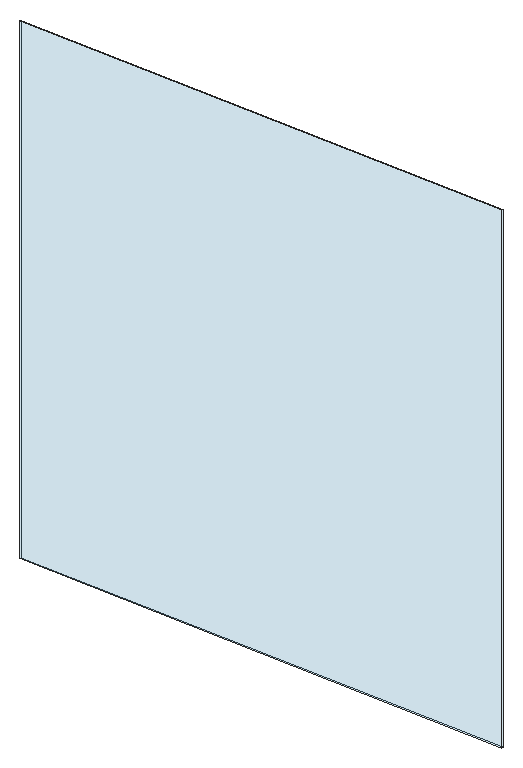
Revit family
Parameters (values of type "72" x 72"")
  Sealant = 0' - 0 3/8"
  SSO [instance] = yes
  SSI [instance] = no
  SBO [instance] = no
  Pocket Depth [instance] = 0' - 0 1/2"
  Head Height = Sill Height + Rough Height - Sealant  # 8' - 11 5/8"
  Depth [instance] = 0' - 4 1/2"
  Sill Height = 3' - 0"
  Rough Width = 6' - 0"
  Rough Height = 6' - 0"
  Model = "A450"
  Material = ""
  Manufacturer = "Arcadia"
  Sightline = 0' - 2 1/8"
  Height = Rough Height - Sealant - Sealant  # 5' - 11 1/4"
  Wall Closure = (empty or 0)
  Width = Rough Width - Sealant - Sealant  # 5' - 11 1/4"
  Glass Thickness [instance] = 0' - 0 1/4"
  Offset to Inside Face of Glass [instance] = 0' - 2 1/8"
  Construction Type = "Aluminum"
  SBI [instance] = no
  Center of Rough Opening [instance] = Rough Width / 2  # 3' - 0"
  Center of Glass [instance] = Glass Thickness / 2  # 0' - 0 1/8"
  Center Wall to Outside Face [instance] = 0' - 2 7/8"
  CSO [instance] = no
  CSI [instance] = no
  Assembly Code = ""
Reference planes (in)
  plane 1 "Center (Front/Back)": y = 0
  plane 2: z = 0
  plane 3 "Center (Left/Right)": x = 12
  plane 4 "Rough Opening Bottom": z = 36
  plane 5 "Rough Opening Top": z = 108
  plane 6 "Exterior Face": y = 3.25
  plane 7 "Frame Top": z = 105.875
  plane 8 "Frame Bottom": z = 38.125
  plane 9 "Rough Opening Left": x = -24
  plane 10 "Rough Opening Right": x = 48
  plane 11 "Frame Left": x = -21.875
  plane 12 "Frame Right": x = 45.875
  plane 13 "Exterior Glass Edge": y = -0.07606
  plane 14 "Interior Glass Edge": y = -0.32606
  plane 15 "Glass Centerline": y = -0.20106
  plane 16 "Frame Outside": y = 2.04894
  plane 17 "Frame Inside": y = -2.45106
  plane 18: z = 106.375
  plane 19: z = 37.625
  plane 20: x = 46.375
  plane 21: x = -22.375
  plane 22: x = -23.625
  plane 23: x = 47.625
  plane 24: z = 107.625
  plane 25: z = 36.375
Forms (in)
  Extrusion 1, solid, material "Anodize Arcadia AC2 Clear #11", detail levels coarse
    sketch origin (0, 0, 36) x (0, -1, 0) y (1, 0, 0)
      loop
        line (-2.04894, -24) -> (2.45106, -24) -> (2.45106, -21.875) -> (0.32606, -21.875) -> (0.32606, -22.375) -> (0.07606, -22.375) -> (0.07606, -21.875) -> (-2.04894, -21.875) -> (-2.04894, -24)
    from 0 to 72 <- "Rough Height"
  Extrusion 2, solid, material "Anodize Arcadia AC2 Clear #11", detail levels coarse
    sketch origin (0, 0, 36) x (0, -1, 0) y (1, 0, 0)
      loop
        line (-2.04894, 45.875) -> (0.07606, 45.875) -> (0.07606, 46.375) -> (0.32606, 46.375) -> (0.32606, 45.875) -> (2.45106, 45.875) -> (2.45106, 48) -> (-2.04894, 48) -> (-2.04894, 45.875)
    from 0 to 72 <- "Rough Height"
  Extrusion 3, solid, material "Glass"
    sketch origin (-0.5, 0, 36) x (0, -1, 0) y (1, 0, 0)
      loop
        line (0.07606, -21.875) -> (0.32606, -21.875) -> (0.32606, 46.875) -> (0.07606, 46.875) -> (0.07606, -21.875)
    from 1.625 to 70.375
  Extrusion 4, solid, material "Anodize Arcadia AC2 Clear #11", detail levels coarse
    sketch origin (-24, 0, 0) x (0, 1, 0) y (0, 0, 1)
      loop
        line (-2.45106, 108) -> (-2.45106, 105.875) -> (-0.32606, 105.875) -> (-0.32606, 106.375) -> (-0.07606, 106.375) -> (-0.07606, 105.875) -> (2.04894, 105.875) -> (2.04894, 108) -> (-2.45106, 108)
    from 0 to 72 <- "Rough Width"
  Extrusion 5, solid, material "Anodize Arcadia AC2 Clear #11", detail levels coarse
    sketch origin (-24, 0, 0) x (0, 1, 0) y (0, 0, 1)
      loop
        line (2.04894, 38.125) -> (-0.07606, 38.125) -> (-0.07606, 37.625) -> (-0.32606, 37.625) -> (-0.32606, 38.125) -> (-2.45106, 38.125) -> (-2.45106, 36) -> (2.04894, 36) -> (2.04894, 38.125)
    from 0 to 72 <- "Rough Width"
  Extrusion 6, void
    sketch origin (0, 0, 36) x (0, -1, 0) y (1, 0, 0)
      loop
        line (-3.25, -24) -> (4.75, -24) -> (4.75, 48) -> (-3.25, 48) -> (-3.25, -24)
    from 0 to 72 <- "Rough Height"
Lines and regions (in)
  symbolic lines, detail levels coarse
    curve 1: line (-24, 2.04894, 0) -> (-21.875, 2.04894, 0)
    curve 2: line (-21.875, 2.04894, 0) -> (-21.875, -0.07606, 0)
    curve 3: line (46.375, -0.07606, 0) -> (-22.375, -0.07606, 0)
    curve 4: line (-22.375, -0.07606, 0) -> (-22.375, -0.32606, 0)
    curve 5: line (-22.375, -0.32606, 0) -> (46.375, -0.32606, 0)
    curve 6: line (-21.875, -0.32606, 0) -> (-21.875, -2.45106, 0)
    curve 7: line (-21.875, -2.45106, 0) -> (-24, -2.45106, 0)
    curve 8: line (-24, -2.45106, 0) -> (-24, 2.04894, 0)
    curve 9: line (45.875, 2.04894, 0) -> (48, 2.04894, 0)
    curve 10: line (48, 2.04894, 0) -> (48, -2.45106, 0)
    curve 11: line (48, -2.45106, 0) -> (45.875, -2.45106, 0)
    curve 12: line (45.875, -2.45106, 0) -> (45.875, -0.32606, 0)
    curve 13: line (45.875, -0.07606, 0) -> (45.875, 2.04894, 0)
    curve 14: line (46.375, -0.07606, 0) -> (46.375, -0.32606, 0)
Text (in)
  text "EXTERIOR" at (-58.6888, 50.90694, 0), in view "Ref. Level"
  text "INTERIOR" at (-58.6888, -37.76638, 0), in view "Ref. Level"
  text "Exterior" at (0, 43.65631, 123.19604), in view "Left"
  text "Exterior" at (0, 18.29385, 125.04747), in view "Right"
  text "CSI" at (0, 41.79929, 97.24754), in view "Section 1"
  text "SBI" at (0, 41.79929, 82.24754), in view "Section 1"
  text "CSI" at (0, 41.79929, 66.24754), in view "Section 1"
  text "SBI" at (0, 41.79929, 52.24754), in view "Section 1"
Dimensions and locks (in)
  "Sill Height": plane 2 to plane 4 "Rough Opening Bottom"
  "Sightline": plane 7 "Frame Top" to plane 5 "Rough Opening Top"
  "Sightline": plane 4 "Rough Opening Bottom" to plane 8 "Frame Bottom"
  "Sightline": plane 9 "Rough Opening Left" to plane 11 "Frame Left"
  "Sightline": plane 12 "Frame Right" to plane 10 "Rough Opening Right"
  "Depth": plane 17 "Frame Inside" to plane 16 "Frame Outside"
  "Glass Thickness": plane 13 "Exterior Glass Edge" to plane 14 "Interior Glass Edge"
  "Center of Glass": plane 15 "Glass Centerline" to plane 14 "Interior Glass Edge"
  "Center of Rough Opening": plane 9 "Rough Opening Left" to plane 3 "Center (Left/Right)"
  "Offset to Inside Face of Glass": plane 17 "Frame Inside" to plane 14 "Interior Glass Edge"
  "Pocket Depth": plane 12 "Frame Right" to plane 20
  "Pocket Depth": plane 21 to plane 11 "Frame Left"
  "Pocket Depth": plane 7 "Frame Top" to plane 18
  "Pocket Depth": plane 19 to plane 8 "Frame Bottom"
  "Sealant": plane 9 "Rough Opening Left" to plane 22
  "Sealant": plane 24 to plane 5 "Rough Opening Top"
  "Sealant": plane 4 "Rough Opening Bottom" to plane 25
  "Sealant": plane 23 to plane 10 "Rough Opening Right"
  "Rough Width": plane 9 "Rough Opening Left" to plane 10 "Rough Opening Right"
  "Rough Height": plane 4 "Rough Opening Bottom" to plane 5 "Rough Opening Top"
  aligned and locked: plane 6 "Exterior Face" to host wall
  aligned and locked: Extrusion 1 sketch curve to plane 17 "Frame Inside"
  aligned and locked: plane 16 "Frame Outside" to Extrusion 1 sketch curve
  aligned and locked: Extrusion 1 sketch curve to plane 11 "Frame Left"
  aligned and locked: plane 9 "Rough Opening Left" to Extrusion 1 sketch curve
  aligned and locked: plane 12 "Frame Right" to Extrusion 2 sketch curve
  aligned and locked: Extrusion 2 sketch curve to plane 10 "Rough Opening Right"
  aligned and locked: Extrusion 2 sketch curve to plane 17 "Frame Inside"
  aligned and locked: plane 16 "Frame Outside" to Extrusion 2 sketch curve
  aligned and locked: Extrusion 3 sketch curve to plane 13 "Exterior Glass Edge"
  aligned and locked: plane 14 "Interior Glass Edge" to Extrusion 3 sketch curve
  aligned and locked: plane 5 "Rough Opening Top" to Extrusion 4 sketch curve
  aligned and locked: Extrusion 4 sketch curve to plane 7 "Frame Top"
  aligned and locked: Extrusion 4 sketch curve to plane 17 "Frame Inside"
  aligned and locked: plane 16 "Frame Outside" to Extrusion 4 sketch curve
  aligned and locked: Extrusion 5 sketch curve to plane 4 "Rough Opening Bottom"
  aligned and locked: plane 8 "Frame Bottom" to Extrusion 5 sketch curve
  aligned and locked: Extrusion 5 sketch curve to plane 17 "Frame Inside"
  aligned and locked: plane 16 "Frame Outside" to Extrusion 5 sketch curve
  aligned and locked: plane 4 "Rough Opening Bottom" to nested 3
  aligned and locked: nested 2 to plane 5 "Rough Opening Top"
  aligned and locked: Extrusion 3 to plane 21
  aligned and locked: plane 19 to Extrusion 3
  aligned and locked: Extrusion 3 to plane 18
  aligned and locked: plane 17 "Frame Inside" to nested 3
  aligned and locked: plane 17 "Frame Inside" to nested 2
  aligned and locked: nested 4 to plane 9 "Rough Opening Left"
  aligned and locked: nested 4 to plane 16 "Frame Outside"
  aligned and locked: nested 1 to plane 16 "Frame Outside"
  aligned and locked: plane 10 "Rough Opening Right" to nested 1
  aligned and locked: import instance to plane 14 "Interior Glass Edge"  (x5)
  aligned and locked: plane 5 "Rough Opening Top" to import instance  (x6)
  aligned and locked: plane 14 "Interior Glass Edge" to import instance  (x7)
  aligned and locked: import instance to plane 4 "Rough Opening Bottom"  (x10)
  aligned and locked: plane 4 "Rough Opening Bottom" to import instance  (x8)
  aligned and locked: plane 16 "Frame Outside" to curve 1
  aligned and locked: curve 2 to plane 11 "Frame Left"
  aligned and locked: curve 6 to plane 11 "Frame Left"
  aligned and locked: curve 7 to plane 17 "Frame Inside"
  aligned and locked: plane 9 "Rough Opening Left" to curve 8
  aligned and locked: curve 4 to plane 21
  aligned and locked: curve 5 to plane 14 "Interior Glass Edge"
  aligned and locked: plane 13 "Exterior Glass Edge" to curve 3
  aligned and locked: plane 12 "Frame Right" to curve 13
  aligned and locked: plane 12 "Frame Right" to curve 12
  aligned and locked: curve 11 to plane 17 "Frame Inside"
  aligned and locked: curve 10 to plane 10 "Rough Opening Right"
  aligned and locked: curve 14 to plane 20
  aligned and locked: plane 16 "Frame Outside" to curve 9
  aligned and locked: plane 9 "Rough Opening Left" to import instance  (x5)
  aligned and locked: plane 16 "Frame Outside" to import instance  (x5)
  aligned and locked: import instance to plane 9 "Rough Opening Left"
  aligned and locked: plane 10 "Rough Opening Right" to import instance  (x5)
  aligned and locked: import instance to plane 16 "Frame Outside"  (x6)
  aligned and locked: import instance to plane 10 "Rough Opening Right"
  aligned and locked: Extrusion 5 sketch curve to plane 14 "Interior Glass Edge"
  aligned and locked: plane 19 to Extrusion 5 sketch curve
  aligned and locked: plane 13 "Exterior Glass Edge" to Extrusion 5 sketch curve
  aligned and locked: plane 14 "Interior Glass Edge" to Extrusion 4 sketch curve
  aligned and locked: plane 18 to Extrusion 4 sketch curve
  aligned and locked: Extrusion 4 sketch curve to plane 13 "Exterior Glass Edge"
  aligned and locked: plane 13 "Exterior Glass Edge" to Extrusion 1 sketch curve
  aligned and locked: Extrusion 1 sketch curve to plane 14 "Interior Glass Edge"
  aligned and locked: Extrusion 1 sketch curve to plane 21
  aligned and locked: Extrusion 2 sketch curve to plane 13 "Exterior Glass Edge"
  aligned and locked: Extrusion 2 sketch curve to plane 20
  aligned and locked: plane 14 "Interior Glass Edge" to Extrusion 2 sketch curve
  aligned and locked: level to plane 2
  aligned and locked: plane 9 "Rough Opening Left" to Extrusion 6 sketch curve
  aligned and locked: plane 6 "Exterior Face" to Extrusion 6 sketch curve
  aligned and locked: host wall to Extrusion 6 sketch curve
  aligned and locked: plane 10 "Rough Opening Right" to Extrusion 6 sketch curve
Automatic sketch dimensions
  Extrusion 3 sketch curve to plane 21 = 0' - 0"
  Extrusion 3 sketch curve to plane 20 = 0' - 0"
  Extrusion 5 sketch curve to plane 8 "Frame Bottom" = 0' - 0"
  Extrusion 4 sketch curve to plane 7 "Frame Top" = 0' - 0"
  Extrusion 1 sketch curve to plane 11 "Frame Left" = 0' - 0"
  Extrusion 2 sketch curve to plane 12 "Frame Right" = 0' - 0"
Nested families (in)
  nested 1: "Window-Arcadia-A450-Med-Jamb-R" at (46.9375, -0.20106, 0) x (-1, 0, 0) z (0, 0, 1), type "Window-Arcadia-A450-Med-Jamb-R", detail levels medium
    with Sightline 0' - 2 1/8", Pocket Depth 0' - 0 1/2", Offset to Inside Face of Glass 0' - 2 1/8", Glass Width 0' - 0 1/4", Frame Wall Thickness 0' - 0 3/32", Depth 0' - 4 1/2", Center of Glass 0' - 0 1/8"
  nested 2: "Window-Arcadia-A450-Med-Head" at (33.875, -0.20106, 108) x (0, -1, 0) z (1, 0, 0), type "Window-Arcadia-A450-Med-Head", detail levels medium
    with Sightline 0' - 2 1/8", Pocket Depth 0' - 0 1/2", Offset to Inside Face of Glass 0' - 2 1/8", Glass Width 0' - 0 1/4", Frame Wall Thickness 0' - 0 3/32", Depth 0' - 4 1/2", Center of Glass 0' - 0 1/8"
  nested 3: "Window-Arcadia-A450-Med-Sill" at (33.875, -0.20106, 36) x (0, -1, 0) z (1, 0, 0), type "Window-Arcadia-A450-Med-Sill", detail levels medium
    with Sightline 0' - 2 1/8", Pocket Depth 0' - 0 1/2", Offset to Inside Face of Glass 0' - 2 1/8", Glass Width 0' - 0 1/4", Frame Wall Thickness 0' - 0 3/32", Depth 0' - 4 1/2", Center of Glass 0' - 0 1/8"
  nested 4: "Window-Arcadia-A450-Med-Jamb-L" at (-22.9375, -0.20106, 0) x (-1, 0, 0) z (0, 0, 1), type "Window-Arcadia-A450-Med-Jamb-L", detail levels medium
    with Sightline 0' - 2 1/8", Pocket Depth 0' - 0 1/2", Offset to Inside Face of Glass 0' - 2 1/8", Glass Width 0' - 0 1/4", Frame Wall Thickness 0' - 0 3/32", Depth 0' - 4 1/2", Center of Glass 0' - 0 1/8"
Definition of nested family "Window-Arcadia-A450-Med-Jamb-R"
  Parameters (values of type "Window-Arcadia-TC670-Med-Jamb-R")
    Depth [instance] = 0' - 6"
    Pocket Depth [instance] = 0' - 0 3/4"
    Offset to Inside Face of Glass [instance] = 0' - 4"
    Glass Width [instance] = 0' - 1"
    Sightline [instance] = 0' - 2 5/8"
    Center of Glass [instance] = Glass Width / 2  # 0' - 0 1/2"
    Frame Wall Thickness [instance] = 0' - 0 3/32"
    Assembly Code = ""
  Reference planes (in)
    plane 1 "Center (Front/Back)": y = 0
    plane 2: z = 0
    plane 3: x = 1.5625
    plane 4 "back": x = -1.0625
    plane 5: y = 4.5
    plane 6: y = -1.5
    plane 7 "Inside Face of Glass": y = 0.5
    plane 8: y = -0.5
    plane 9: x = 0.8125
  Lines and regions (in)
    detail lines, in view "Ref. Level", detail levels medium
      curve 1: line (-1.0625, 4.5, 0) -> (-1.0625, -1.5, 0)
      curve 2: line (-1.0625, -1.5, 0) -> (1.5625, -1.5, 0)
      curve 3: line (1.5625, -1.5, 0) -> (1.5625, -0.5, 0)
      curve 4: line (1.5625, -0.5, 0) -> (0.8125, -0.5, 0)
      curve 5: line (0.8125, -0.5, 0) -> (0.8125, 0.5, 0)
      curve 6: line (0.8125, 0.5, 0) -> (1.5625, 0.5, 0)
      curve 7: line (1.5625, 0.5, 0) -> (1.5625, 4.5, 0)
      curve 8: line (1.5625, 4.5, 0) -> (-1.0625, 4.5, 0)
      curve 9: line (1.46875, 4.40625, 0) -> (-0.96875, 4.40625, 0)
      curve 10: line (-0.96875, 4.40625, 0) -> (-0.96875, -1.40625, 0)
      curve 11: line (-0.96875, -1.40625, 0) -> (1.46875, -1.40625, 0)
      curve 12: line (1.46875, -1.40625, 0) -> (1.46875, -0.59375, 0)
      curve 13: line (1.46875, -0.59375, 0) -> (0.71875, -0.59375, 0)
      curve 14: line (0.71875, -0.59375, 0) -> (0.71875, 0.59375, 0)
      curve 15: line (0.71875, 0.59375, 0) -> (1.46875, 0.59375, 0)
      curve 16: line (1.46875, 0.59375, 0) -> (1.46875, 4.40625, 0)
      curve 17: line (1.5625, 4.5, 0) -> (-1.0625, 4.5, 0)
      curve 18: line (-1.0625, 4.40625, 0) -> (-1.0625, -1.5, 0)
  Dimensions and locks (in)
    "Sightline": plane 4 "back" to plane 3
    "Depth": plane 5 to plane 6
    "Center of Glass": plane 1 "Center (Front/Back)" to plane 7 "Inside Face of Glass"
    "Glass Width": plane 8 to plane 7 "Inside Face of Glass"
    "Pocket Depth": plane 9 to plane 3
    "Offset to Inside Face of Glass": plane 5 to plane 7 "Inside Face of Glass"
    "Frame Wall Thickness": plane 5 to curve 9
    "Frame Wall Thickness": plane 4 "back" to curve 10
    "Frame Wall Thickness": curve 11 to plane 6
    "Frame Wall Thickness": curve 12 to plane 3
    "Frame Wall Thickness": curve 13 to plane 8
    "Frame Wall Thickness": plane 7 "Inside Face of Glass" to curve 15
    "Frame Wall Thickness": curve 14 to plane 9
    "Frame Wall Thickness": curve 16 to plane 3
    aligned and locked: plane 5 to curve 8
    aligned and locked: curve 1 to plane 4 "back"
    aligned and locked: curve 2 to plane 6
    aligned and locked: plane 3 to curve 3
    aligned and locked: curve 4 to plane 8
    aligned and locked: plane 9 to curve 5
    aligned and locked: plane 7 "Inside Face of Glass" to curve 6
    aligned and locked: plane 3 to curve 7
  Automatic sketch dimensions
    curve 18 to curve 9 = 0' - 0"
Definition of nested family "Window-Arcadia-A450-Med-Head"
  Parameters (values of type "Window-Arcadia-A400-Med-Head")
    Depth [instance] = 0' - 6"
    Pocket Depth [instance] = 0' - 0 1/2"
    Offset to Inside Face of Glass [instance] = 0' - 4"
    Glass Width [instance] = 0' - 1"
    Sightline [instance] = 0' - 2 5/8"
    Center of Glass [instance] = Glass Width / 2  # 0' - 0 1/2"
    Frame Wall Thickness [instance] = 0' - 0 3/32"
    Assembly Code = ""
  Reference planes (in)
    plane 1 "Center (Front/Back)": y = 0
    plane 2: z = 0
    plane 3 "Center (Left/Right)": x = 0
    plane 4: x = -0.5
    plane 5 "Inside Face of Glass": x = 0.5
    plane 6: y = -2.625
    plane 7: x = 4.5
    plane 8: x = -1.5
    plane 9: y = -2.125
  Lines and regions (in)
    detail lines, in view "Ref. Level", detail levels medium
      curve 1: line (-1.5, 0, 0) -> (-1.5, -2.625, 0)
      curve 2: line (-1.5, -2.625, 0) -> (-0.5, -2.625, 0)
      curve 3: line (-0.5, -2.625, 0) -> (-0.5, -2.125, 0)
      curve 4: line (-0.5, -2.125, 0) -> (0.5, -2.125, 0)
      curve 5: line (0.5, -2.125, 0) -> (0.5, -2.625, 0)
      curve 6: line (0.5, -2.625, 0) -> (4.5, -2.625, 0)
      curve 7: line (4.5, -2.625, 0) -> (4.5, 0, 0)
      curve 8: line (4.5, 0, 0) -> (-1.5, 0, 0)
      curve 9: line (-1.40625, -0.09375, 0) -> (-1.40625, -2.53125, 0)
      curve 10: line (4.40625, -0.09375, 0) -> (-1.40625, -0.09375, 0)
      curve 11: line (4.40625, -2.53125, 0) -> (4.40625, -0.09375, 0)
      curve 12: line (0.59375, -2.53125, 0) -> (4.40625, -2.53125, 0)
      curve 13: line (-1.40625, -2.53125, 0) -> (-0.59375, -2.53125, 0)
      curve 14: line (-0.59375, -2.53125, 0) -> (-0.59375, -2.03125, 0)
      curve 15: line (-0.59375, -2.03125, 0) -> (0.59375, -2.03125, 0)
      curve 16: line (0.59375, -2.03125, 0) -> (0.59375, -2.53125, 0)
  Dimensions and locks (in)
    "Sightline": plane 6 to plane 1 "Center (Front/Back)"
    "Depth": plane 8 to plane 7
    "Pocket Depth": plane 6 to plane 9
    "Offset to Inside Face of Glass": plane 5 "Inside Face of Glass" to plane 7
    "Glass Width": plane 4 to plane 5 "Inside Face of Glass"
    "Center of Glass": plane 3 "Center (Left/Right)" to plane 5 "Inside Face of Glass"
    "Frame Wall Thickness": plane 8 to curve 9
    "Frame Wall Thickness": curve 10 to plane 1 "Center (Front/Back)"
    "Frame Wall Thickness": curve 11 to plane 7
    "Frame Wall Thickness": plane 6 to curve 12
    "Frame Wall Thickness": plane 6 to curve 13
    "Frame Wall Thickness": plane 9 to curve 15
    "Frame Wall Thickness": plane 5 "Inside Face of Glass" to curve 16
    "Frame Wall Thickness": curve 14 to plane 4
    aligned and locked: curve 8 to plane 1 "Center (Front/Back)"
    aligned and locked: plane 7 to curve 7
    aligned and locked: curve 1 to plane 8
    aligned and locked: plane 9 to curve 4
    aligned and locked: plane 4 to curve 3
    aligned and locked: plane 6 to curve 2
    aligned and locked: plane 6 to curve 6
  Automatic sketch dimensions
    curve 5 to plane 5 "Inside Face of Glass" = 0' - 0"
Definition of nested family "Window-Arcadia-A450-Med-Sill"
  Parameters (values of type "Window-Arcadia-A400-Med-Sill")
    Depth [instance] = 0' - 6"
    Pocket Depth [instance] = 0' - 0 1/2"
    Offset to Inside Face of Glass [instance] = 0' - 4"
    Glass Width [instance] = 0' - 1"
    Sightline [instance] = 0' - 2 5/8"
    Center of Glass [instance] = Glass Width / 2  # 0' - 0 1/2"
    Frame Wall Thickness [instance] = 0' - 0 3/32"
    Assembly Code = ""
  Reference planes (in)
    plane 1 "Center (Front/Back)": y = 0
    plane 2: z = 0
    plane 3 "Center (Left/Right)": x = 0
    plane 4: x = -0.5
    plane 5 "Inside Face of Glass": x = 0.5
    plane 6: y = 2.625
    plane 7: x = 4.5
    plane 8: x = -1.5
    plane 9: y = 2.125
  Lines and regions (in)
    detail lines, in view "Ref. Level", detail levels medium
      curve 1: line (-1.5, 2.625, 0) -> (-1.5, 0, 0)
      curve 2: line (-1.5, 0, 0) -> (4.5, 0, 0)
      curve 3: line (4.5, 0, 0) -> (4.5, 2.625, 0)
      curve 4: line (4.5, 2.625, 0) -> (0.5, 2.625, 0)
      curve 5: line (0.5, 2.625, 0) -> (0.5, 2.125, 0)
      curve 6: line (0.5, 2.125, 0) -> (-0.5, 2.125, 0)
      curve 7: line (-0.5, 2.125, 0) -> (-0.5, 2.625, 0)
      curve 8: line (-0.5, 2.625, 0) -> (-1.5, 2.625, 0)
      curve 9: line (-0.59375, 2.53125, 0) -> (-1.40625, 2.53125, 0)
      curve 10: line (-1.40625, 2.53125, 0) -> (-1.40625, 0.09375, 0)
      curve 11: line (-1.40625, 0.09375, 0) -> (4.40625, 0.09375, 0)
      curve 12: line (4.40625, 0.09375, 0) -> (4.40625, 2.53125, 0)
      curve 13: line (4.40625, 2.53125, 0) -> (0.59375, 2.53125, 0)
      curve 14: line (0.59375, 2.53125, 0) -> (0.59375, 2.03125, 0)
      curve 15: line (0.59375, 2.03125, 0) -> (-0.59375, 2.03125, 0)
      curve 16: line (-0.59375, 2.03125, 0) -> (-0.59375, 2.53125, 0)
  Dimensions and locks (in)
    "Pocket Depth": plane 9 to plane 6
    "Sightline": plane 1 "Center (Front/Back)" to plane 6
    "Depth": plane 8 to plane 7
    "Offset to Inside Face of Glass": plane 5 "Inside Face of Glass" to plane 7
    "Glass Width": plane 4 to plane 5 "Inside Face of Glass"
    "Center of Glass": plane 3 "Center (Left/Right)" to plane 5 "Inside Face of Glass"
    "Frame Wall Thickness": curve 9 to plane 6
    "Frame Wall Thickness": plane 8 to curve 10
    "Frame Wall Thickness": plane 1 "Center (Front/Back)" to curve 11
    "Frame Wall Thickness": curve 12 to plane 7
    "Frame Wall Thickness": curve 13 to plane 6
    "Frame Wall Thickness": plane 5 "Inside Face of Glass" to curve 14
    "Frame Wall Thickness": curve 15 to plane 9
    "Frame Wall Thickness": curve 16 to plane 4
    aligned and locked: plane 1 "Center (Front/Back)" to curve 2
    aligned and locked: plane 7 to curve 3
    aligned and locked: curve 1 to plane 8
    aligned and locked: curve 8 to plane 6
    aligned and locked: curve 4 to plane 6
    aligned and locked: curve 6 to plane 9
    aligned and locked: curve 5 to plane 5 "Inside Face of Glass"
    aligned and locked: plane 4 to curve 7
  Automatic sketch dimensions
    curve 7 to plane 9 = 0' - 0"
Definition of nested family "Window-Arcadia-A450-Med-Jamb-L"
  Parameters (values of type "Window-Arcadia-TC670-Med-Jamb-L")
    Depth [instance] = 0' - 6"
    Pocket Depth [instance] = 0' - 0 1/2"
    Offset to Inside Face of Glass [instance] = 0' - 4"
    Glass Width [instance] = 0' - 1"
    Sightline [instance] = 0' - 2 1/8"
    Center of Glass [instance] = Glass Width / 2  # 0' - 0 1/2"
    Frame Wall Thickness [instance] = 0' - 0 3/32"
    Assembly Code = ""
  Reference planes (in)
    plane 1 "Center (Front/Back)": y = 0
    plane 2: z = 0
    plane 3 "BACK": x = 1.0625
    plane 4 "FRONT": x = -1.0625
    plane 5: y = 1.5
    plane 6: y = -4.5
    plane 7 "Inside Face of Glass": y = 0.5
    plane 8: y = -0.5
    plane 9: x = -0.5625
  Lines and regions (in)
    detail lines, in view "Ref. Level", detail levels medium
      curve 1: line (1.0625, 1.5, 0) -> (1.0625, -4.5, 0)
      curve 2: line (1.0625, -4.5, 0) -> (-1.0625, -4.5, 0)
      curve 3: line (-1.0625, -4.5, 0) -> (-1.0625, -0.5, 0)
      curve 4: line (-1.0625, -0.5, 0) -> (-0.5625, -0.5, 0)
      curve 5: line (-0.5625, -0.5, 0) -> (-0.5625, 0.5, 0)
      curve 6: line (-0.5625, 0.5, 0) -> (-1.0625, 0.5, 0)
      curve 7: line (-1.0625, 0.5, 0) -> (-1.0625, 1.5, 0)
      curve 8: line (-1.0625, 1.5, 0) -> (1.0625, 1.5, 0)
      curve 9: line (-0.96875, 1.40625, 0) -> (0.96875, 1.40625, 0)
      curve 10: line (-0.96875, 0.59375, 0) -> (-0.96875, 1.40625, 0)
      curve 11: line (-0.46875, 0.59375, 0) -> (-0.96875, 0.59375, 0)
      curve 12: line (-0.46875, -0.59375, 0) -> (-0.46875, 0.59375, 0)
      curve 13: line (-0.96875, -0.59375, 0) -> (-0.46875, -0.59375, 0)
      curve 14: line (-0.96875, -4.40625, 0) -> (-0.96875, -0.59375, 0)
      curve 15: line (0.96875, -4.40625, 0) -> (-0.96875, -4.40625, 0)
      curve 16: line (0.96875, 1.40625, 0) -> (0.96875, -4.40625, 0)
  Dimensions and locks (in)
    "Depth": plane 5 to plane 6
    "Pocket Depth": plane 4 "FRONT" to plane 9
    "Sightline": plane 4 "FRONT" to plane 3 "BACK"
    "Glass Width": plane 8 to plane 7 "Inside Face of Glass"
    "Center of Glass": plane 1 "Center (Front/Back)" to plane 7 "Inside Face of Glass"
    "Frame Wall Thickness": plane 4 "FRONT" to curve 10
    "Frame Wall Thickness": plane 5 to curve 9
    "Frame Wall Thickness": curve 15 to plane 6
    "Frame Wall Thickness": curve 13 to plane 8
    "Frame Wall Thickness": plane 9 to curve 12
    "Frame Wall Thickness": plane 7 "Inside Face of Glass" to curve 11
    "Frame Wall Thickness": plane 4 "FRONT" to curve 14
    "Offset to Inside Face of Glass": plane 6 to plane 8
    aligned and locked: curve 8 to plane 5
    aligned and locked: curve 1 to plane 3 "BACK"
    aligned and locked: plane 6 to curve 2
    aligned and locked: curve 3 to plane 4 "FRONT"
    aligned and locked: plane 8 to curve 4
    aligned and locked: plane 9 to curve 5
    aligned and locked: curve 6 to plane 7 "Inside Face of Glass"
    aligned and locked: plane 4 "FRONT" to curve 7
  Automatic sketch dimensions
    curve 16 to plane 3 "BACK" = 0' - 0 3/32"
